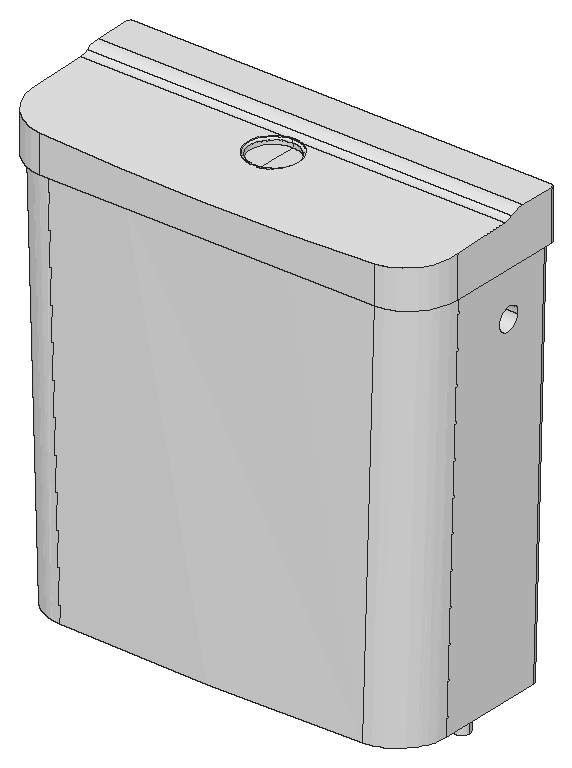
Revit family "PlumbingFixture_GroheLimited_BauCeramicExposedFlushingCistern_39437000_METRICa", category Plumbing Fixtures, Revit 2015
Parameters (values of type "39437000")
  _DistributedBy = "www.bimstore.co.uk"
  _CurrentRevision = 1
  _CreatedBy = "www.bimstore.co.uk"
  _BimSpecGuid = 0
  _BSBibleVersion = 14
  _AuthorizedBy = "Kris Atkinson"
  _Author = "Ian Holmes"
  Waste Connection = yes
  WarrantyStartDate [instance] = "Please Record On Commissioning."
  WarrantyGuarantorParts = "info-uk@grohe.com"
  WarrantyGuarantorLabor = "info-uk@grohe.com"
  WarrantyDurationUnit = "Years"
  WarrantyDurationParts = "n/a"
  WarrantyDurationLabor = "n/a"
  WarrantyDescription = "n/a"
  WFU = 0
  Vent Connection = no
  URL = "www.grohe.com"
  TypeName = "Bau Ceramic Exposed Flushing Cistern"
  Type Comments = "39437000"
  SpareParts = "n/a"
  Size = "n/a"
  Shape = "n/a"
  SerialNumber [instance] = "Please Record On Commissioning."
  ReplacementCost = "n/a"
  ReferencedStandard = "n/a"
  ProductionYear = "2017"
  ProductPageURL = "https://www.grohe.co.uk/en_gb/exposed-flushing-cistern-39437000.html"
  ProductDocumentationLink = "https://www.grohe.co.uk/en_gb/exposed-flushing-cistern-39437000.html"
  PrimaryMaterial = Ceramic, White
  PercentageOfRecycledContent = "n/a"
  OffsetFromLevel [instance] = 772 mm
  NominalLength = 0 mm
  NominalHeight = 0 mm
  NominalDepth = 0 mm
  NBSReference = "45-35-70/383"
  NBSOfficeMasterTag = "n/a"
  NBSObjectName = "Grohe Limited -  WC cisterns"
  NBSNote = ""
  NBSDescription = "WC cisterns"
  ModelReference = "Bau Ceramic Exposed Flushing Cistern"
  ModelNumber = "39437000"
  Model = "Bau Ceramic Exposed Flushing Cistern"
  Material = "Ceramic"
  MasterformatTitle = "Sanitary Facilities"
  MasterformatNumber = "01 52 19"
  ManufacturerName = "Grohe Limited"
  Manufacturer = "Grohe Limited"
  LowEmittingMaterial = no
  LEEDCredit = "n/a"
  Keynote = "N13"
  InstallationDate [instance] = "Please Record On Commissioning."
  IndustryStandards = "n/a"
  IfcExportType = "IfcPipeFittingType"
  IfcExportAs = "IfcPipeFitting"
  HotWaterConnectionDiameter = 10 mm
  HWFU = 4.5
  HW Connection = no
  Grade = "n/a"
  Finish = "Ceramic"
  Features = "connection from the left/right hand side. vitreous China. including flushing set. concealed flushing set."
  ExpectedLife = 0
  Ecojoy = no
  DurationUnit = "Years"
  DocumentationTechnical = "n/a"
  DocumentationMaintenance = "n/a"
  DocumentationLiterature = "n/a"
  DocumentationInstallationGuide = "n/a"
  DocumentationCertificates = "n/a"
  Description = "connection from the left/right hand side. vitreous China. including flushing set. concealed flushing set."
  CreatedOn = "2017-07-01T09:00:00"
  CreatedBy = "info-uk@grohe.com"
  Cost = 0
  Constituents = "n/a"
  Color = "White"
  ColdWaterConnectionDiameter = 10 mm
  CodePerformance = "n/a"
  ClassificationValue = "Pr_40_20_93_89"
  ClassificationName = "Uniclass2015"
  CWFU = 4.5
  CW Connection = no
  BarCode [instance] = "Please Record On Commissioning."
  BIMObjectName = "PlumbingFixture_GroheLimited_BauCeramicExposedFlushingCistern_39437000_METRIC"
  AssetType = "Fixed"
  AssetIdentifier [instance] = "Please Record On Commissioning."
  Assembly Code = "D2010"
  AccessibilityPerformance = "n/a"
  ADACompliant = no
Reference planes
  plane 1 "Center (Front/Back)": y = 0
  plane 2: z = 0
  plane 3 "Center (Left/Right)": x = 0
  plane 4 "OffsetFromLevel": z = 772
Dimensions and locks
  "OffsetFromLevel": plane 4 "OffsetFromLevel" to plane 2
  aligned and locked: level to plane 2
  aligned and locked: plane 1 "Center (Front/Back)" to nested 1
  aligned and locked: plane 3 "Center (Left/Right)" to nested 1
  aligned and locked: plane 4 "OffsetFromLevel" to nested 1
Nested families
  nested 1: "39437000" at (0, 0, 397.001), type "39437000"
Connectors
  piping at (128.222, -36.581, 362.001), diameter 12.7
    settings: on nested 1, index 1, connector inside diameter 609.6 mm, connector length 0 mm, flow factor 0, pipe flow 0.0 L/s, pressure drop 0.0 Pa, fitting loss kfactor 0, connector angle 0.00°, fixture units 0, engagement length 0 mm, angle of deflection 0.00°, flow configuration 0, flow direction 1, fitting loss method 0, system type 7, joint type 0, gender type 0, connector reference index -1, connector utility 0, adjustable connector no, is connector primary yes, connector description ""
Definition of nested family "39437000"
  Parameters (values of type "39437000")
    Waste Connection = yes
    WFU = 0
    Vent Connection = no
    URL = "www.grohe.com"
    Type Comments = "39437000"
    PrimaryMaterial = none
    Model = "Bau Ceramic Exposed Flushing Cistern"
    Manufacturer = "Grohe Limited"
    Keynote = "N13"
    HWFU = 4.5
    HW Connection = no
    Description = "connection from the left/right hand side. vitreous China. including flushing set. concealed flushing set."
    Cost = 0
    CWFU = 4.5
    CW Connection = no
    Assembly Code = "D2010"
  Reference planes
    plane 1 "Center (Front/Back)": y = 0
    plane 2: z = 0
    plane 3 "Center (Left/Right)": x = 0
  Forms (mm)
    Extrusion 1, solid, material <- "PrimaryMaterial"
      sketch origin (0, 0, 0) x (0, 1, 0) y (0, 0, 1)
        loop
          arc (-53.149, 369.862) -> (-107.643, 368.134) -> (-161.942, 363.213) r 929.225
          line (-161.942, 363.213) -> (-161.942, 333.856) -> (9.375, 333.856) -> (9.375, 372.008)
          arc (9.375, 372.008) -> (8.499, 374.123) -> (6.385, 374.999) r 2.99
          line (6.385, 374.999) -> (-34.554, 374.999)
          arc (-34.554, 374.999) -> (-40.453, 374.2) -> (-45.927, 371.863) r 22.19
          arc (-45.927, 371.863) -> (-49.403, 370.376) -> (-53.149, 369.862) r 14.159
      from -190.557 to 196.729
    Extrusion 2, void
      sketch origin (0, 0, 0) x (1, 0, 0) y (0, 1, 0)
        loop
          arc (-174.568, -1.503) -> (-176.657, -2.399) -> (-177.518, -4.502) r 3
          line (-177.518, -4.502) -> (-177.518, -102.773)
          arc (-177.518, -102.773) -> (-166.69, -130.14) -> (-140.068, -142.691) r 40
          arc (-140.068, -142.691) -> (0.007, -147.151) -> (140.081, -142.646) r 2191.134
          arc (140.081, -142.646) -> (166.694, -130.091) -> (177.518, -102.728) r 40
          line (177.518, -102.728) -> (177.518, -4.339)
          arc (177.518, -4.339) -> (176.656, -2.235) -> (174.565, -1.34) r 3
          arc (174.565, -1.34) -> (-0.002, -0.001) -> (-174.568, -1.503) r 10729.368
        loop
          line (-223.977, 21.1) -> (-223.977, -173.9) -> (226.023, -173.9) -> (226.023, 21.1) -> (-223.977, 21.1)
      from 306.844 to 428.295
    Revolve 3, void
      sketch origin (0, 0, 0.156) x (0, 1, 0) y (0, 0, 1)
        loop
          line (-93.181, 367.181) -> (-93.181, 364.007) -> (-73.181, 364.007) -> (-73.181, 373.411) -> (-94.852, 373.411) -> (-94.852, 368.853)
          arc (-94.852, 368.853) -> (-93.671, 368.363) -> (-93.181, 367.181) r 1.671
        axis (-73.181, 373.411) -> (-73.181, 364.007)
      angle from 0 to 360
    SweptBlend 4, solid, material <- "PrimaryMaterial"
      path origin (0, 0, 333.9) x (1, 0, 0) y (0, 0, 1)
        loop
          line (0, 0) -> (0, -333.856)
      profile origin (0, 0, 333.9) x (0, -1, 0) y (1, 0, 0)
        loop
          arc (98.477, -175.027) -> (126.058, -163.997) -> (138.429, -136.99) r 40
          arc (138.429, -136.99) -> (141.793, 0) -> (138.429, 136.99) r 2791.014
          arc (138.429, 136.99) -> (126.058, 163.997) -> (98.477, 175.027) r 40
          line (98.477, 175.027) -> (8.19, 175.027)
          arc (8.19, 175.027) -> (6.086, 174.166) -> (5.19, 172.076) r 3
          arc (5.19, 172.076) -> (3.75, 0.002) -> (5.071, -172.074) r 10729.368
          arc (5.071, -172.074) -> (5.966, -174.165) -> (8.07, -175.027) r 3
          line (8.07, -175.027) -> (98.477, -175.027)
      end profile origin (0, 0, 0.044) x (0, -1, 0) y (1, 0, 0)
        loop
          arc (98.477, -165.027) -> (126.058, -153.997) -> (138.429, -126.99) r 40
          arc (138.429, -126.99) -> (141.547, 0) -> (138.429, 126.99) r 2587.276
          arc (138.429, 126.99) -> (126.058, 153.997) -> (98.477, 165.027) r 40
          line (98.477, 165.027) -> (7.88, 165.027)
          arc (7.88, 165.027) -> (5.775, 164.164) -> (4.881, 162.071) r 3
          arc (4.881, 162.071) -> (3.752, -0.002) -> (5.071, -162.074) r 10729.368
          arc (5.071, -162.074) -> (5.966, -164.165) -> (8.07, -165.027) r 3
          line (8.07, -165.027) -> (98.477, -165.027)
    Extrusion 5, void
      sketch origin (0, 0, 0) x (0, 1, 0) y (0, 0, 1)
        loop
          circle (-44.745, 292.57) r 10
      from 133.378 to 182.712
    Extrusion 6, void
      sketch origin (0, 0, 0) x (0, 1, 0) y (0, 0, -1)
        loop
          circle (-44.745, -292.57) r 10
      from 133.378 to 182.712
    Revolve 7, solid, material <- "PrimaryMaterial"
      sketch origin (20, -36.581, 1200) x (-1, 0, 0) y (0, 0, 1)
        loop
          line (-108.222, -1160) -> (-114.572, -1160) -> (-114.572, -1235) -> (-108.222, -1235) -> (-108.222, -1160)
        axis (-108.222, -1160) -> (-108.222, -1235)
      angle from 0 to 360
  Cuts and joins
    Extrusion 2, Revolve 3 cuts Extrusion 1
    Extrusion 5, Extrusion 6 cuts SweptBlend 4
    joined: Extrusion 1, SweptBlend 4, Revolve 7
  Dimensions and locks
    aligned and locked: level to plane 2
